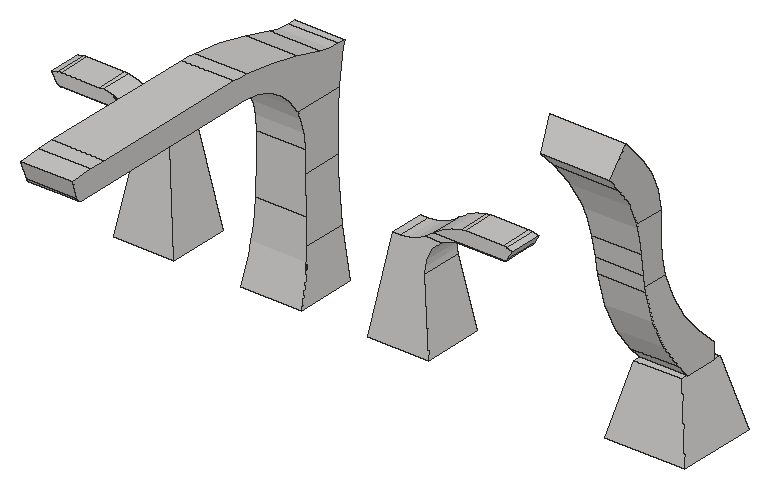
Revit family "Faucet-Tub_and_Whirlpool-Delta-Tesla-X552_and_X752", category Plumbing Fixtures, Revit 2012
Parameters (values of type "Roman Tub Widespread 8 - 16 Inch, Four Hole Installation")
  zz YesNo 2 [instance] = zz Integer 1 = 2552  # no
  zz YesNo 1 [instance] = zz Integer 1 = 4752  # yes
  zz Length 8 [instance] = if(zz YesNo 1, Hand Shower Offset, 0.000")  # 12.000"
  zz Length 7 [instance] = if(zz YesNo 2, 0.875", 0.000")  # 0.000"
  zz Length 6 [instance] = if(zz Integer 1 = 2552, 4.500", if(zz Integer 1 = 3552, 4.625", if(or(zz Integer 1 = 2752, zz Integer 1 = 4752), 8.688", 4.500")))  # 8.688"
  zz Length 5 [instance] = if(zz Integer 1 = 2552, 2.656", if(zz Integer 1 = 3552, 2.656", if(or(zz Integer 1 = 2752, zz Integer 1 = 4752), 3.250", 2.656")))  # 3.250"
  zz Length 4 [instance] = Center to Center Handle Distance Desired  # 8.000"
  zz Length 3 [instance] = if(zz Integer 1 = 2552, 6.500", if(zz Integer 1 = 3552, 6.063", if(or(zz Integer 1 = 2752, zz Integer 1 = 4752), 7.500", 6.500")))  # 7.500"
  zz Length 2 [instance] = 3.688"  # constant formula
  zz Length 1 [instance] = if(zz Integer 1 = 2552, 4.000", if(zz Integer 1 = 3552, if(zz Length 4 < 4.000", 4.000", if(zz Length 4 > 16.000", 16.000", zz Length 4)), if(or(zz Integer 1 = 2752, zz Integer 1 = 4752), if(zz Length 4 < 8.000", 8.000", if(zz Length 4 > 16.000", 16.000", zz Length 4)), 4.000")))  # 8.000"
  zz Integer 1 = 4752
  Width [instance] = 6.500" + Center to Center Handle Distance Actual  # 14.500"
  URL = "http://www.deltafaucet.com/index.html"
  Product Page URL = ""
  Product Material = Steel - Delta Faucet Company - Stainless
  Product Documentation Link = ""
  Pipe Connection Radius = 0.500"
  Part Number [instance] = Model  # "T4752"
  Part Description [instance] = Description  # "Tesla Roman Tub/Whirlpool Faucet Trim, 8-16 Inch Widespread 4 Hole Application With Hand Shower"
  Model Disclaimer = "Contact Delta Faucet Company for More Information"  # constant formula
  Model = if(zz Integer 1 = 2552, "2252-MPU-DST", if(zz Integer 1 = 3552, "3552-MPU-DST", if(zz Integer 1 = 2752, "T2752", if(zz Integer 1 = 4752, "T4752", "Not Available"))))  # "T4752"
  Manufacturer = "Delta Faucet Company"  # constant formula
  Hot Water Supply Flow = 0 GPM
  Hot Water Radius = 0.188"
  Height = if(zz Integer 1 = 4752, 10.125", 7.500")  # 10.125"
  Hand Shower Offset [instance] = 12.000"
  Family Version = "1.0"  # constant formula
  Equipment Number [instance] = ""
  Equipment Abbreviation = "FT"
  Description = if(zz Integer 1 = 2552, "Tesla Lavatory Faucet, 4 Inch Centerset 3 Hole Application", if(zz Integer 1 = 3552, "Tesla Lavatory Faucet, 4-16  Inch Widespread 3 Hole Application", if(zz Integer 1 = 2752, "Tesla Roman Tub/Whirlpool Faucet Trim, 8-16 Inch Widespread 3 Hole Application", if(zz Integer 1 = 4752, "Tesla Roman Tub/Whirlpool Faucet Trim, 8-16 Inch Widespread 4 Hole Application With Hand Shower", "Not Available"))))  # "Tesla Roman Tub/Whirlpool Faucet Trim, 8-16 Inch Widespread 4 Hole Application With Hand Shower"
  Depth = 11.000"  # constant formula
  Date Modified = "January 5, 2015"  # constant formula
  Date Created = "January 5, 2015"  # constant formula
  Copyright = "Copyright ©2015 Delta Faucet Company"  # constant formula
  Cold Water Supply Flow = 0 GPM
  Cold Water Radius = 0.188"
  Center to Center Handle Distance Desired [instance] = 8.000"
  Center to Center Handle Distance Actual [instance] = zz Length 1  # 8.000"
Types (5): name | zz YesNo 2 | zz YesNo 1 | zz Length 8 | zz Length 7 | zz Length 6 | zz Length 5 | zz Length 4 | zz Length 3 | zz Length 1 | zz Integer 1 | Width | Part Number | Part Description | Model | Height | Description | Center to Center Handle Distance Desired | Center to Center Handle Distance Actual
  (no name) | no | yes | 12.000" | 0.000" | 8.688" | 3.250" | 8.000" | 7.500" | 8.000" | 4752 | 14.500" | "T4752" | "Tesla Roman Tub/Whirlpool Faucet Trim, 8-16 Inch Widespread 4 Hole Application With Hand Shower" | "T4752" | 10.125" | "Tesla Roman Tub/Whirlpool Faucet Trim, 8-16 Inch Widespread 4 Hole Application With Hand Shower" | 8.000" | 8.000"
  Roman Tub Widespread 8 - 16 Inch, Three Hole Installation | no | no | 0.000" | 0.000" | 8.688" | 3.250" | 4.000" | 7.500" | 8.000" | 2752 | 14.500" | "T2752" | "Tesla Roman Tub/Whirlpool Faucet Trim, 8-16 Inch Widespread 3 Hole Application" | "T2752" | 7.500" | "Tesla Roman Tub/Whirlpool Faucet Trim, 8-16 Inch Widespread 3 Hole Application" | 4.000" | 8.000"
  Roman Tub Widespread 8 - 16 Inch, Four Hole Installation | no | yes | 12.000" | 0.000" | 8.688" | 3.250" | 8.000" | 7.500" | 8.000" | 4752 | 14.500" | "T4752" | "Tesla Roman Tub/Whirlpool Faucet Trim, 8-16 Inch Widespread 4 Hole Application With Hand Shower" | "T4752" | 10.125" | "Tesla Roman Tub/Whirlpool Faucet Trim, 8-16 Inch Widespread 4 Hole Application With Hand Shower" | 8.000" | 8.000"
  Centerset 4 Inch | yes | no | 0.000" | 0.875" | 4.500" | 2.656" | 4.000" | 6.500" | 4.000" | 2552 | 10.500" | "2252-MPU-DST" | "Tesla Lavatory Faucet, 4 Inch Centerset 3 Hole Application" | "2252-MPU-DST" | 7.500" | "Tesla Lavatory Faucet, 4 Inch Centerset 3 Hole Application" | 4.000" | 4.000"
  Widespread 4 - 16 Inch | no | no | 0.000" | 0.000" | 4.625" | 2.656" | 4.000" | 6.063" | 4.000" | 3552 | 10.500" | "3552-MPU-DST" | "Tesla Lavatory Faucet, 4-16  Inch Widespread 3 Hole Application" | "3552-MPU-DST" | 7.500" | "Tesla Lavatory Faucet, 4-16  Inch Widespread 3 Hole Application" | 4.000" | 4.000"
Reference planes (in)
  plane 1 "Center (Front/Back)": y = 0
  plane 2 "Center (Elevation)": z = 0
  plane 3 "Center (Left/Right)": x = 0
  plane 4: x = -4
  plane 5: x = 4
  plane 6: x = 7.25
  plane 7: x = -7.25
  plane 8: x = 4.95313
  plane 9: x = 3.04688
  plane 10: x = -3.04687
  plane 11: x = -4.95312
  plane 12: y = 0.95312
  plane 13: y = -0.95313
  plane 14: x = 0.95313
  plane 15: x = -0.95312
  plane 16: z = 0
  plane 17: z = 7.5
  plane 18: z = 3.688
  plane 19: x = 3.5
  plane 20: z = 2.938
  plane 21: z = 2.3349
  plane 22: z = 1.64916
  plane 23: z = 4.4837
  plane 24: x = 3.71777
  plane 25: x = 5.58726
  plane 26: x = 6.04782
  plane 27: x = -3.71777
  plane 28: x = -3.5
  plane 29: x = -5.58726
  plane 30: x = -6.04782
  plane 31: y = 0.5
  plane 32: y = -0.5
  plane 33: z = 3.25
  plane 34: z = 3.34216
  plane 35: y = 1.82834
  plane 36: y = -1.82834
  plane 37: z = 4.25
  plane 38: y = -8.688
  plane 39: z = 7.54685
  plane 40: y = -9.7861
  plane 41: y = 8.82271
  plane 42: y = 0.71925
  plane 43: y = -3.98066
  plane 44: y = -8.18938
  plane 45: z = -3.45315
  plane 46: z = 4.85377
  plane 47: z = 9.38147
  plane 48: z = 2.40902
  plane 49: z = 7.45312
  plane 50: z = 6.74857
  plane 51: z = -0.875
  plane 52: x = 3.0625
  plane 53: x = -3.0625
  plane 54: y = -1.125
  plane 55: y = 1.125
  plane 56: x = -2.95312
  plane 57: y = -0.95312
  plane 58: x = 2.95313
  plane 59: y = 0.95312
  plane 60: x = 12
  plane 61: x = 13.25
  plane 62: x = 10.75
  plane 63: y = -4
  plane 64: y = 1.25
  plane 65: y = -1.25
  plane 66: z = 2.125
  plane 67: z = 10.125
  plane 68: y = 0.5
  plane 69: y = -3.5
  plane 70: z = 6.8685
  plane 71: z = 6.10389
  plane 72: z = 6.43266
  plane 73: z = 5.49336
  plane 74: y = 3.09983
  plane 75: y = 3.50646
  plane 76: y = -7.16511
  plane 77: y = -5.80675
  plane 78: z = 9.25897
  plane 79: x = 11.25
  plane 80: y = -0.75
  plane 81: y = 0.75
  plane 82: x = 12.75
  plane 83: x = 13.1875
  plane 84: x = 10.8125
  plane 85: x = 11.25
  plane 86: x = 12.75
  plane 87: z = 3.13867
  plane 88: y = 0.72591
  plane 89: z = 4.2955
  plane 90: y = -0.55012
  plane 91: y = -3.00319
  plane 92: z = 6.96796
  plane 93: y = -9.37606
  plane 94: z = 3.61341
  plane 95: z = 5.48688
  plane 96: z = 3.61341
  plane 97: z = 5.48688
  plane 98: y = -3.43578
  plane 99: y = -8.53102
  plane 100: z = 2.27995
  plane 101: z = -0.2395
  plane 102: z = 5.17659
  plane 103: z = 5.69199
  plane 104: z = 3.48793
  plane 105: z = 3.20852
  plane 106: z = 3.14814
  plane 107: x = 6.94989
  plane 108: x = 6.9495
  plane 109: x = -5.74872
  plane 110: x = -6.94989
  plane 111: x = -6.9495
  plane 112: x = 5.74872
  plane 113: x = 0.82657
  plane 114: x = -0.82657
  plane 115: y = 0.5
  plane 116: y = -0.5
  plane 117: x = 3.5
  plane 118: x = -3.5
  plane 119: x = 13.08646
  plane 120: x = 10.91354
  plane 121: x = 11.25
  plane 122: x = 12.75
  plane 123: y = -1.39425
  plane 124: y = -3.5
  plane 125: x = 12
  plane 126: x = 0
  plane 127: z = 0.25
  plane 128: z = 0
Forms (in)
  Extrusion 1, solid, material "Steel - Delta Faucet Company - Stainless" <- "Product Material"
    sketch origin (0, 0, 0) x (1, 0, 0) y (0, 0, 1)
      loop
        line (3.04688, 0) -> (4.95313, 0) -> (4.60607, 2.1786)
        arc (4.60607, 2.1786) -> (4.832, 2.98047) -> (5.58894, 3.32847) r 0.99357
        line (5.58894, 3.32847) -> (6.94976, 3.32782)
        arc (6.94976, 3.32782) -> (7.02994, 3.34927) -> (7.08861, 3.40798) r 0.16011
        line (7.08861, 3.40798) -> (7.25, 3.688) -> (7.06608, 3.72918)
        arc (7.06608, 3.72918) -> (7.00815, 3.73884) -> (6.9495, 3.74208) r 0.53356
        line (6.9495, 3.74208) -> (5.74872, 3.74208)
        arc (5.74872, 3.74208) -> (5.69032, 3.7392) -> (5.6325, 3.73059) r 0.59394
        arc (5.6325, 3.73059) -> (5.16285, 3.57833) -> (4.74109, 3.32169) r 2.12247
        line (4.74109, 3.32169) -> (4.6694, 3.26567)
        arc (4.6694, 3.26567) -> (4.221, 3.02221) -> (3.71777, 2.938) r 1.5457
        line (3.71777, 2.938) -> (3.5, 2.938) -> (3.04688, 0)
      loop
        line (-3.04687, 0) -> (-3.5, 2.938) -> (-3.71777, 2.938)
        arc (-3.71777, 2.938) -> (-4.221, 3.02221) -> (-4.6694, 3.26567) r 1.5457
        line (-4.6694, 3.26567) -> (-4.74109, 3.32169)
        arc (-4.74109, 3.32169) -> (-5.16285, 3.57833) -> (-5.6325, 3.73059) r 2.12247
        arc (-5.6325, 3.73059) -> (-5.69032, 3.7392) -> (-5.74872, 3.74208) r 0.59394
        line (-5.74872, 3.74208) -> (-6.9495, 3.74208)
        arc (-6.9495, 3.74208) -> (-7.00815, 3.73884) -> (-7.06608, 3.72918) r 0.53356
        line (-7.06608, 3.72918) -> (-7.25, 3.688) -> (-7.08861, 3.40798)
        arc (-7.08861, 3.40798) -> (-7.02994, 3.34927) -> (-6.94976, 3.32782) r 0.16011
        line (-6.94976, 3.32782) -> (-5.58726, 3.32847)
        arc (-5.58726, 3.32847) -> (-4.83146, 2.97984) -> (-4.60607, 2.1786) r 0.99357
        line (-4.60607, 2.1786) -> (-4.95312, 0) -> (-3.04687, 0)
    from -0.95312 to 0.95312
  Extrusion 2, void
    sketch origin (0, 0, 0) x (0, 1, 0) y (0, 0, 1)
      loop
        line (0.95312, 0) -> (0.95312, 4.25) -> (0.5, 4.25) -> (0.5, 3.34216)
        arc (0.5, 3.34216) -> (0.50319, 3.25022) -> (0.51273, 3.15873) r 1.32834
        line (0.51273, 3.15873) -> (0.95312, 0)
      loop
        line (-0.95313, 0) -> (-0.51273, 3.15873)
        arc (-0.51273, 3.15873) -> (-0.50319, 3.25022) -> (-0.5, 3.34216) r 1.32834
        line (-0.5, 3.34216) -> (-0.5, 4.25) -> (-0.95313, 4.25) -> (-0.95313, 0)
    from -7.25 to 7.25
  Extrusion 3, solid, material "Steel - Delta Faucet Company - Stainless" <- "Product Material"
    sketch origin (0, 0, 0) x (0, 1, 0) y (0, 0, 1)
      loop
        line (-0.9399, 0) -> (0.94139, 0)
        arc (0.94139, 0) -> (0.77984, 1.56564) -> (0.72591, 3.13867) r 22.96659
        line (0.72591, 3.13867) -> (0.72591, 4.85377)
        arc (0.72591, 4.85377) -> (0.77111, 5.7082) -> (0.90624, 6.55309) r 8.0968
        line (0.90624, 6.55309) -> (0.9482, 6.74857) -> (0.71925, 6.74857)
        arc (0.71925, 6.74857) -> (0.35282, 6.7742) -> (-0.00647, 6.85057) r 2.63289
        line (-0.00647, 6.85057) -> (-0.94865, 7.12073)
        arc (-0.94865, 7.12073) -> (-1.93558, 7.35507) -> (-2.9399, 7.49751) r 11
        arc (-2.9399, 7.49751) -> (-3.18756, 7.51514) -> (-3.43578, 7.52102) r 5.24106
        line (-3.43578, 7.52102) -> (-8.53102, 7.52102)
        arc (-8.53102, 7.52102) -> (-8.79696, 7.51646) -> (-9.06259, 7.50279) r 7.76052
        line (-9.06259, 7.50279) -> (-9.7861, 7.45312) -> (-9.58221, 6.89292)
        arc (-9.58221, 6.89292) -> (-9.50189, 6.78825) -> (-9.37606, 6.74857) r 0.21938
        line (-9.37606, 6.74857) -> (-3.00319, 6.74857)
        arc (-3.00319, 6.74857) -> (-1.2686, 6.03009) -> (-0.55012, 4.2955) r 2.45307
        line (-0.55012, 4.2955) -> (-0.55012, 2.40902)
        arc (-0.55012, 2.40902) -> (-0.64819, 1.18884) -> (-0.9399, 0) r 7.63926
    from -0.95312 to 0.95313
  Extrusion 4, void
    sketch origin (0, 0, 0) x (1, 0, 0) y (0, 0, 1)
      loop
        line (-0.95312, 7.54685) -> (-0.95312, 0) -> (-0.83717, 1.62087)
        arc (-0.83717, 1.62087) -> (-0.78379, 2.6165) -> (-0.76599, 3.61341) r 27.92453
        line (-0.76599, 3.61341) -> (-0.76599, 5.48688)
        arc (-0.76599, 5.48688) -> (-0.78153, 6.51734) -> (-0.82813, 7.54685) r 34.18058
        line (-0.82813, 7.54685) -> (-0.95312, 7.54685)
    from -0.95312 to 9.7861
  Extrusion 5, void
    sketch origin (0, 0, 0) x (1, 0, 0) y (0, 0, 1)
      loop
        line (0.95313, 7.54685) -> (0.82813, 7.54685)
        arc (0.82813, 7.54685) -> (0.78153, 6.51734) -> (0.76599, 5.48688) r 34.18058
        line (0.76599, 5.48688) -> (0.76599, 3.61341)
        arc (0.76599, 3.61341) -> (0.78379, 2.6165) -> (0.83717, 1.62087) r 27.92453
        line (0.83717, 1.62087) -> (0.95313, 0) -> (0.95313, 7.54685)
    from -0.95312 to 9.7861
  Blend 6, solid, material "Steel - Delta Faucet Company - Stainless" <- "Product Material", visible <- "zz YesNo 2"
    base sketch origin (0, 0, 0) x (1, 0, 0) y (0, 1, 0)
      loop
        line (-3.0625, 1.125) -> (-3.0625, -1.125) -> (3.0625, -1.125) -> (3.0625, 1.125) -> (-3.0625, 1.125)
    top sketch origin (0, 0, 0) x (1, 0, 0) y (0, 1, 0)
      loop
        line (-2.95312, 0.95312) -> (-2.95312, -0.95313) -> (2.95313, -0.95313) -> (2.95313, 0.95312) -> (-2.95312, 0.95312)
    from -0.875 to 0
  Extrusion 7, solid, material "Steel - Delta Faucet Company - Stainless" <- "Product Material", visible <- "zz YesNo 1"
    sketch origin (0, 0, 0) x (0, 1, 0) y (0, 0, 1)
      loop
        line (-0.5, 2.125) -> (0.5, 2.125) -> (0.5, 2.625) -> (-0.11852, 3.24352)
        arc (-0.11852, 3.24352) -> (-1.14322, 4.70946) -> (-1.60194, 6.43821) r 5.1265
        line (-1.60194, 6.43821) -> (-1.6311, 6.78438)
        arc (-1.6311, 6.78438) -> (-1.96505, 8.1063) -> (-2.7057, 9.25104) r 4.19044
        line (-2.7057, 9.25104) -> (-3.5, 10.125) -> (-4, 9.25897) -> (-3.55752, 8.77212)
        arc (-3.55752, 8.77212) -> (-2.78853, 7.64056) -> (-2.36424, 6.33988) r 4.87493
        line (-2.36424, 6.33988) -> (-2.25, 5.69199) -> (-2.15912, 5.17659)
        arc (-2.15912, 5.17659) -> (-1.69435, 3.75182) -> (-0.85199, 2.51229) r 5.34008
        line (-0.85199, 2.51229) -> (-0.5, 2.125)
    from 10.8125 to 13.1875
  Blend 8, solid, material "Steel - Delta Faucet Company - Stainless" <- "Product Material", visible <- "zz YesNo 1"
    base sketch origin (0, 0, 0) x (1, 0, 0) y (0, 1, 0)
      loop
        line (10.75, 1.25) -> (10.75, -1.25) -> (13.25, -1.25) -> (13.25, 1.25) -> (10.75, 1.25)
    top sketch origin (0, 0, 0) x (1, 0, 0) y (0, 1, 0)
      loop
        line (11.25, 0.75) -> (11.25, -0.75) -> (12.75, -0.75) -> (12.75, 0.75) -> (11.25, 0.75)
    from 0 to 2.125
  Extrusion 9, void
    sketch origin (0, 0, 0) x (1, 0, 0) y (0, 0, 1)
      loop
        line (12.75, 2.125) -> (13.1875, 2.125) -> (13.1875, 10.125) -> (12.86717, 7.37934)
        arc (12.86717, 7.37934) -> (12.77932, 6.3733) -> (12.75, 5.36384) r 17.39289
        line (12.75, 5.36384) -> (12.75, 2.125)
      loop
        line (11.25, 2.125) -> (11.25, 5.36384)
        arc (11.25, 5.36384) -> (11.22068, 6.3733) -> (11.13283, 7.37934) r 17.39289
        line (11.13283, 7.37934) -> (10.8125, 10.125) -> (10.8125, 2.125) -> (11.25, 2.125)
    from -1.25 to 4
Cuts and joins
  Extrusion 2 cuts Extrusion 1
  Extrusion 4, Extrusion 5 cuts Extrusion 3
  Extrusion 9 cuts Extrusion 7
Lines and regions (in)
  Masking region 1
    outline origin (-60, -180, 7.54685) x (-1, 0, 0) y (0, -1, 0)
      loop
        line (-59.17343, -180.95312) -> (-59.17343, -170.2139) -> (-60.82657, -170.2139) -> (-60.82657, -180.95312) -> (-59.17343, -180.95312)
  Masking region 2
    outline origin (-60, -180, 3.688) x (-1, 0, 0) y (0, -1, 0)
      loop
        line (-63.5, -180.5) -> (-63.5, -179.5) -> (-67.25, -179.5) -> (-67.25, -180.5) -> (-63.5, -180.5)
      loop
        line (-56.5, -180.5) -> (-52.75, -180.5) -> (-52.75, -179.5) -> (-56.5, -179.5) -> (-56.5, -180.5)
  Masking region 3
    outline origin (-60, -180, 0) x (-1, 0, 0) y (0, -1, 0)
      loop
        line (-63.04687, -180.95312) -> (-63.04687, -179.04687) -> (-64.95312, -179.04687) -> (-64.95312, -180.95312) -> (-63.04687, -180.95312)
      loop
        line (-55.04687, -180.95312) -> (-55.04687, -179.04687) -> (-56.95312, -179.04687) -> (-56.95312, -180.95312) -> (-55.04687, -180.95312)
  Masking region 4, visible <- "zz YesNo 2"
    outline origin (0, 0, 0) x (1, 0, 0) y (0, 1, 0)
      loop
        line (-3.0625, 1.125) -> (-3.0625, -1.125) -> (3.0625, -1.125) -> (3.0625, 1.125) -> (-3.0625, 1.125)
  Masking region 5, visible <- "zz YesNo 1"
    outline origin (-60, -180, 10.125) x (-1, 0, 0) y (0, -1, 0)
      loop
        line (-71.25, -180.5) -> (-71.25, -178.60575) -> (-70.8125, -176.5) -> (-70.91354, -176) -> (-73.08646, -176) -> (-73.1875, -176.5) -> (-72.75, -178.60575) -> (-72.75, -180.5) -> (-71.25, -180.5)
  Masking region 6, visible <- "zz YesNo 1"
    outline origin (-60, -180, 0) x (-1, 0, 0) y (0, -1, 0)
      loop
        line (-70.75, -181.25) -> (-70.75, -178.75) -> (-73.25, -178.75) -> (-73.25, -181.25) -> (-70.75, -181.25)
  reference lines
    curve 1: line (-4, 0, 0.25) -> (-4, 0, 0)
    curve 2: line (4, 0, 0.25) -> (4, 0, 0)
Dimensions and locks (in)
  equal spacing: plane 4, plane 3 "Center (Left/Right)", plane 5
  "zz Length 1": plane 4 to plane 5
  "zz Length 5": plane 5 to plane 6
  "zz Length 5": plane 7 to plane 4
  plane 9 to plane 5 to plane 8 = 0.95313" locked, 0.95312" locked
  plane 11 to plane 4 to plane 10 = 0.95312" locked, 0.95313" locked
  plane 13 to plane 1 "Center (Front/Back)" to plane 12 = 0.95313" locked, 0.95312" locked
  plane 15 to plane 114 to plane 3 "Center (Left/Right)" to plane 113 to plane 14 = 0.12655" locked, 0.82657" locked, 0.82657" locked, 0.12655" locked
  "zz Length 7": plane 16 to plane 2 "Center (Elevation)"
  "zz Length 3": plane 17 to plane 16
  "zz Length 2": plane 18 to plane 16
  plane 26 to plane 112 to plane 25 to plane 5 to plane 24 to plane 19 = 0.2991" locked, 0.16145" locked, 1.58726" locked, 0.28223" locked, 0.21777" locked
  plane 28 to plane 27 to plane 4 to plane 29 to plane 109 to plane 30 = 0.21777" locked, 0.28223" locked, 1.58726" locked, 0.16145" locked, 0.2991" locked
  plane 23 to plane 18 to plane 104 to plane 105 to plane 106 to plane 20 to plane 21 to plane 22 = 0.7957" locked, 0.20007" locked, 0.27942" locked, 0.06038" locked, 0.21014" locked, 0.6031" locked, 0.68574" locked
  locked: plane 1 "Center (Front/Back)" to plane 31 at 0.5
  plane 37 to plane 34 to plane 33 to plane 16 = 0.90784" locked, 0.09216" locked, 3.250" locked
  plane 36 to plane 32 to plane 1 "Center (Front/Back)" to plane 31 to plane 35 = 1.32834" locked, 0.500" locked, 0.500" locked, 1.32834" locked
  "zz Length 6": plane 38 to plane 1 "Center (Front/Back)"
  locked: plane 40 to plane 38 at 1.0981
  locked: plane 39 to plane 17 at 0.04685
  locked: plane 16 to plane 51 at 0.875
  equal spacing: plane 53, plane 3 "Center (Left/Right)", plane 52
  locked: plane 53 to plane 52 at 6.125
  equal spacing: plane 54, plane 1 "Center (Front/Back)", plane 55
  locked: plane 54 to plane 55 at 2.25
  locked: plane 54 to plane 57 at 0.17188
  locked: plane 59 to plane 55 at 0.17188
  locked: plane 58 to plane 52 at 0.10937
  locked: plane 53 to plane 56 at 0.10937
  "zz Length 8": plane 3 "Center (Left/Right)" to plane 60
  plane 62 to plane 60 to plane 61 = 1.250" locked, 1.250" locked
  locked: plane 63 to plane 1 "Center (Front/Back)" at 4
  plane 65 to plane 1 "Center (Front/Back)" to plane 64 = 1.250" locked, 1.250" locked
  plane 78 to plane 70 to plane 72 to plane 71 to plane 103 to plane 73 to plane 102 to plane 66 = 2.39048" locked, 0.43584" locked, 0.32877" locked, 0.4119" locked, 0.19863" locked, 0.31677" locked, 3.05159" locked
  plane 76 to plane 77 to plane 69 to plane 1 "Center (Front/Back)" to plane 68 to plane 74 to plane 75 = 1.35836" locked, 2.30675" locked, 3.500" locked, 0.500" locked, 2.59983" locked, 0.40664" locked
  plane 80 to plane 1 "Center (Front/Back)" to plane 81 = 0.750" locked, 0.750" locked
  plane 79 to plane 60 to plane 82 = 0.750" locked, 0.750" locked
  plane 84 to plane 60 to plane 83 = 1.1875" locked, 1.1875" locked
  plane 86 to plane 60 to plane 85 = 0.750" locked, 0.750" locked
  Extrusion 9 sketch curve to plane 60 to Extrusion 9 sketch curve = 18.14289" locked, 18.14289" locked
  locked: Extrusion 9 sketch curve to plane 66 at 3.23884  (x2)
  plane 87 to plane 48 to plane 16 = 0.72965" locked, 2.40902" locked
  plane 47 to plane 39 to plane 49 to plane 92 to plane 50 to plane 46 to plane 89 to plane 100 to plane 101 to plane 45 = 1.83461" locked, 0.09374" locked, 0.48516" locked, 0.21938" locked, 1.8948" locked, 0.55827" locked, 2.01555" locked, 2.51946" locked, 3.21365" locked
  locked: Extrusion 3 sketch curve to plane 16 at 3.13867
  locked: plane 41 to Extrusion 3 sketch curve at 14.86979
  locked: plane 94 to plane 16 at 3.61341
  locked: plane 39 to plane 95 at 2.05997
  Extrusion 5 sketch curve to Extrusion 5 sketch curve to plane 3 "Center (Left/Right)" = 6.25605" locked, 28.69053" locked
  Extrusion 4 sketch curve to Extrusion 4 sketch curve to plane 3 "Center (Left/Right)" = 6.25605" locked, 28.69053" locked
  locked: plane 96 to plane 16 at 3.61341
  locked: plane 39 to plane 97 at 2.05997
  plane 93 to plane 38 to plane 99 = 0.68806" locked, 0.15698" locked
  plane 44 to plane 43 to plane 98 to plane 91 to plane 90 to plane 1 "Center (Front/Back)" to plane 88 to plane 41 = 4.20872" locked, 0.54488" locked, 0.43259" locked, 2.45307" locked, 0.55012" locked, 0.72591" locked, 8.0968" locked
  plane 6 to plane 107 to plane 108 = 0.30011" locked, 0.0004" locked
  plane 111 to plane 110 to plane 7 = 0.0004" locked, 0.30011" locked
  plane 116 to plane 1 "Center (Front/Back)" to plane 115 = 0.500" locked, 0.500" locked
  locked: plane 117 to plane 5 at 0.5
  locked: plane 4 to plane 118 at 0.5
  plane 63 to plane 124 to plane 123 = 0.500" locked, 2.10575" locked
  plane 120 to plane 121 to plane 60 to plane 122 to plane 119 = 0.33646" locked, 0.750" locked, 0.750" locked, 0.33646" locked
  locked: plane 60 to plane 125 at 0
  locked: plane 126 to plane 3 "Center (Left/Right)"
  locked: plane 127 to plane 128 at 0.25
  locked: plane 2 "Center (Elevation)" to plane 128
  aligned and locked: plane 2 "Center (Elevation)" to level
  aligned and locked: plane 8 to Extrusion 1 sketch curve
  aligned and locked: plane 16 to Extrusion 1 sketch curve  (x4)
  aligned and locked: plane 9 to Extrusion 1 sketch curve
  aligned and locked: plane 19 to Extrusion 1 sketch curve
  aligned and locked: plane 20 to Extrusion 1 sketch curve  (x3)
  aligned and locked: plane 24 to Extrusion 1 sketch curve
  aligned and locked: plane 23 to Extrusion 1 sketch curve  (x2)
  aligned and locked: plane 25 to Extrusion 1 sketch curve
  aligned and locked: plane 21 to Extrusion 1 sketch curve  (x2)
  aligned and locked: plane 26 to Extrusion 1 sketch curve
  aligned and locked: plane 22 to Extrusion 1 sketch curve  (x2)
  aligned and locked: plane 30 to Extrusion 1 sketch curve
  aligned and locked: plane 29 to Extrusion 1 sketch curve
  aligned and locked: plane 27 to Extrusion 1 sketch curve
  aligned and locked: plane 10 to Extrusion 1 sketch curve
  aligned and locked: plane 11 to Extrusion 1 sketch curve
  aligned and locked: plane 28 to Extrusion 1 sketch curve
  aligned and locked: Extrusion 1 sketch curve to plane 20
  aligned and locked: plane 18 to Extrusion 1 sketch curve  (x2)
  aligned and locked: plane 7 to Extrusion 1 sketch curve
  aligned and locked: plane 6 to Extrusion 1 sketch curve
  aligned and locked: Extrusion 1 to plane 12
  aligned and locked: plane 13 to Extrusion 1
  aligned and locked: plane 16 to Extrusion 2 sketch curve
  aligned and locked: plane 12 to Extrusion 2 sketch curve  (x2)
  aligned and locked: plane 13 to Extrusion 2 sketch curve  (x2)
  aligned and locked: Extrusion 2 sketch curve to plane 37
  aligned and locked: plane 37 to Extrusion 2 sketch curve
  aligned and locked: Extrusion 2 sketch curve to plane 31
  aligned and locked: Extrusion 2 sketch curve to plane 32
  aligned and locked: plane 35 to Extrusion 2 sketch curve
  aligned and locked: plane 34 to Extrusion 2 sketch curve  (x2)
  aligned and locked: plane 36 to Extrusion 2 sketch curve
  aligned and locked: plane 6 to Extrusion 2
  aligned and locked: Extrusion 2 to plane 7
  aligned and locked: Extrusion 3 to plane 15
  aligned and locked: plane 14 to Extrusion 3
  aligned and locked: Extrusion 4 to plane 12
  aligned and locked: plane 40 to Extrusion 4
  aligned and locked: Extrusion 3 sketch curve to plane 16
  aligned and locked: Extrusion 5 to plane 12
  aligned and locked: plane 40 to Extrusion 5
  aligned and locked: plane 41 to Extrusion 3 sketch curve
  aligned and locked: plane 47 to Extrusion 3 sketch curve
  aligned and locked: plane 42 to Extrusion 3 sketch curve
  aligned and locked: plane 45 to Extrusion 3 sketch curve
  aligned and locked: plane 48 to Extrusion 3 sketch curve  (x2)
  aligned and locked: plane 44 to Extrusion 3 sketch curve
  aligned and locked: plane 50 to Extrusion 3 sketch curve
  aligned and locked: plane 55 to Blend 6 sketch curve
  aligned and locked: plane 53 to Blend 6 sketch curve
  aligned and locked: Blend 6 sketch curve to plane 54
  aligned and locked: Blend 6 sketch curve to plane 52
  aligned and locked: Blend 6 sketch curve to plane 57
  aligned and locked: Blend 6 sketch curve to plane 58
  aligned and locked: plane 59 to Blend 6 sketch curve
  aligned and locked: plane 56 to Blend 6 sketch curve
  aligned and locked: plane 16 to Blend 6
  aligned and locked: Blend 6 to plane 51
  aligned and locked: plane 39 to Extrusion 5 sketch curve
  aligned and locked: plane 16 to Extrusion 5 sketch curve
  aligned and locked: plane 14 to Extrusion 5 sketch curve
  aligned and locked: Extrusion 7 sketch curve to plane 66
  aligned and locked: plane 68 to Extrusion 7 sketch curve
  aligned and locked: plane 74 to Extrusion 7 sketch curve
  aligned and locked: plane 75 to Extrusion 7 sketch curve
  aligned and locked: plane 77 to Extrusion 7 sketch curve
  aligned and locked: plane 76 to Extrusion 7 sketch curve
  aligned and locked: plane 73 to Extrusion 7 sketch curve
  aligned and locked: plane 72 to Extrusion 7 sketch curve
  aligned and locked: plane 70 to Extrusion 7 sketch curve
  aligned and locked: plane 71 to Extrusion 7 sketch curve
  aligned and locked: plane 67 to Extrusion 7 sketch curve
  aligned and locked: plane 69 to Extrusion 7 sketch curve
  aligned and locked: plane 78 to Extrusion 7 sketch curve
  aligned and locked: plane 63 to Extrusion 7 sketch curve
  aligned and locked: plane 64 to Blend 8 sketch curve
  aligned and locked: plane 62 to Blend 8 sketch curve
  aligned and locked: Blend 8 sketch curve to plane 65
  aligned and locked: Blend 8 sketch curve to plane 61
  aligned and locked: Blend 8 to plane 16
  aligned and locked: plane 66 to Blend 8
  aligned and locked: plane 83 to Extrusion 7
  aligned and locked: Extrusion 7 to plane 84
  aligned and locked: Extrusion 9 to plane 64
  aligned and locked: plane 63 to Extrusion 9
  aligned and locked: plane 67 to Extrusion 9 sketch curve  (x2)
  aligned and locked: Extrusion 9 sketch curve to plane 83
  aligned and locked: Extrusion 9 sketch curve to plane 84
  aligned and locked: plane 66 to Extrusion 9 sketch curve
  aligned and locked: Extrusion 9 sketch curve to plane 66
  aligned and locked: plane 86 to Extrusion 9 sketch curve
  aligned and locked: plane 85 to Extrusion 9 sketch curve
  aligned and locked: plane 90 to Extrusion 3 sketch curve
  aligned and locked: Extrusion 3 sketch curve to plane 88
  aligned and locked: plane 87 to Extrusion 3 sketch curve
  aligned and locked: plane 46 to Extrusion 3 sketch curve
  aligned and locked: plane 89 to Extrusion 3 sketch curve  (x2)
  aligned and locked: plane 91 to Extrusion 3 sketch curve
  aligned and locked: plane 93 to Extrusion 3 sketch curve
  aligned and locked: plane 92 to Extrusion 3 sketch curve
  aligned and locked: plane 43 to Extrusion 3 sketch curve
  aligned and locked: plane 95 to Extrusion 5 sketch curve  (x2)
  aligned and locked: plane 94 to Extrusion 5 sketch curve  (x2)
  aligned and locked: plane 15 to Extrusion 4 sketch curve
  aligned and locked: plane 16 to Extrusion 4 sketch curve
  aligned and locked: plane 97 to Extrusion 4 sketch curve  (x2)
  aligned and locked: plane 96 to Extrusion 4 sketch curve  (x2)
  aligned and locked: Extrusion 4 sketch curve to plane 39
  aligned and locked: plane 100 to Extrusion 3 sketch curve
  aligned and locked: plane 101 to Extrusion 3 sketch curve
  aligned and locked: plane 98 to Extrusion 3 sketch curve
  aligned and locked: plane 99 to Extrusion 3 sketch curve
  aligned and locked: plane 102 to Extrusion 7 sketch curve
  aligned and locked: plane 103 to Extrusion 7 sketch curve
  aligned and locked: plane 104 to Extrusion 1 sketch curve  (x2)
  aligned and locked: plane 107 to Extrusion 1 sketch curve
  aligned and locked: plane 108 to Extrusion 1 sketch curve  (x2)
  aligned and locked: plane 106 to Extrusion 1 sketch curve  (x2)
  aligned and locked: plane 112 to Extrusion 1 sketch curve  (x2)
  aligned and locked: plane 105 to Extrusion 1 sketch curve  (x2)
  aligned and locked: plane 109 to Extrusion 1 sketch curve
  aligned and locked: plane 111 to Extrusion 1 sketch curve
  aligned and locked: plane 110 to Extrusion 1 sketch curve
  aligned and locked: plane 12 to Masking region 1 sketch curve
  aligned and locked: Masking region 1 sketch curve to plane 113
  aligned and locked: plane 114 to Masking region 1 sketch curve
  aligned and locked: Masking region 1 sketch curve to plane 40
  aligned and locked: Masking region 2 sketch curve to plane 6
  aligned and locked: plane 115 to Masking region 2 sketch curve
  aligned and locked: plane 117 to Masking region 2 sketch curve
  aligned and locked: Masking region 2 sketch curve to plane 116
  aligned and locked: plane 118 to Masking region 2 sketch curve
  aligned and locked: plane 116 to Masking region 2 sketch curve
  aligned and locked: Masking region 2 sketch curve to plane 115
  aligned and locked: Masking region 2 sketch curve to plane 7
  aligned and locked: plane 12 to Masking region 3 sketch curve  (x2)
  aligned and locked: plane 9 to Masking region 3 sketch curve
  aligned and locked: Masking region 3 sketch curve to plane 13  (x2)
  aligned and locked: Masking region 3 sketch curve to plane 8
  aligned and locked: plane 11 to Masking region 3 sketch curve
  aligned and locked: Masking region 3 sketch curve to plane 10
  aligned and locked: Masking region 4 sketch curve to plane 52
  aligned and locked: Masking region 4 sketch curve to plane 54
  aligned and locked: plane 55 to Masking region 4 sketch curve
  aligned and locked: plane 53 to Masking region 4 sketch curve
  aligned and locked: Masking region 5 sketch curve to plane 122
  aligned and locked: plane 115 to Masking region 5 sketch curve
  aligned and locked: plane 121 to Masking region 5 sketch curve
  aligned and locked: plane 123 to Masking region 5 sketch curve  (x2)
  aligned and locked: plane 122 to Masking region 5 sketch curve
  aligned and locked: plane 83 to Masking region 5 sketch curve
  aligned and locked: plane 124 to Masking region 5 sketch curve  (x2)
  aligned and locked: plane 63 to Masking region 5 sketch curve  (x2)
  aligned and locked: plane 119 to Masking region 5 sketch curve
  aligned and locked: plane 120 to Masking region 5 sketch curve
  aligned and locked: plane 84 to Masking region 5 sketch curve
  aligned and locked: Masking region 6 sketch curve to plane 61
  aligned and locked: plane 62 to Masking region 6 sketch curve
  aligned and locked: plane 64 to Masking region 6 sketch curve
  aligned and locked: Masking region 6 sketch curve to plane 65
  aligned and locked: plane 2 "Center (Elevation)" to curve 2
  aligned and locked: plane 127 to curve 2
  aligned and locked: plane 2 "Center (Elevation)" to curve 1
  aligned and locked: plane 127 to curve 1
  aligned and locked: curve 2 to plane 5
  aligned and locked: curve 1 to plane 4
Automatic sketch dimensions
  Blend 8 sketch curve to plane 79 = 0.000"
  plane 80 to Blend 8 sketch curve = 0.000"
  Blend 8 sketch curve to plane 82 = 0.000"
  plane 81 to Blend 8 sketch curve = 0.000"
  Extrusion 2 sketch curve to plane 16 = 0.000"
  plane 32 to Extrusion 2 sketch curve = 0.01273"
  Extrusion 2 sketch curve to plane 31 = 0.01273"
  Extrusion 5 sketch curve to plane 14 = 0.11595"
  Extrusion 5 sketch curve to Extrusion 5 sketch curve = 0.125"
  Extrusion 9 sketch curve to plane 85 = 0.11717"
  plane 86 to Extrusion 9 sketch curve = 0.11717"
  plane 15 to Extrusion 4 sketch curve = 0.11595"
  Extrusion 4 sketch curve to Extrusion 4 sketch curve = 0.125"
  Extrusion 3 sketch curve to plane 40 = 0.000"
  Extrusion 3 sketch curve to plane 49 = 0.000"
  Extrusion 3 sketch curve to plane 92 = 0.07503"
  plane 17 to Extrusion 3 sketch curve = 0.00279"
  Extrusion 3 sketch curve to Extrusion 3 sketch curve = 0.000"
  Extrusion 3 sketch curve to plane 13 = 0.00448"
  plane 1 "Center (Front/Back)" to Extrusion 3 sketch curve = 0.00647"
  plane 12 to Extrusion 3 sketch curve = 0.04689"
  plane 12 to Extrusion 3 sketch curve = 0.00493"
  plane 38 to Extrusion 3 sketch curve = 0.37459"
  Extrusion 7 sketch curve to plane 69 = 0.05752"
  Extrusion 7 sketch curve to plane 78 = 0.00793"
  plane 69 to Extrusion 7 sketch curve = 0.7943"
  Extrusion 7 sketch curve to plane 72 = 0.09278"
  plane 65 to Extrusion 7 sketch curve = 1.11424"
  Extrusion 7 sketch curve to Extrusion 7 sketch curve = 0.11424"
  Extrusion 7 sketch curve to Extrusion 7 sketch curve = 0.09088"
  Extrusion 7 sketch curve to plane 70 = 0.08412"
  plane 72 to Extrusion 7 sketch curve = 0.00555"
  Extrusion 7 sketch curve to Extrusion 7 sketch curve = 0.02916"
  Extrusion 7 sketch curve to plane 13 = 0.10114"
  Extrusion 7 sketch curve to plane 13 = 0.45312"
  plane 1 "Center (Front/Back)" to Extrusion 7 sketch curve = 0.11852"
  plane 66 to Extrusion 7 sketch curve = 0.500"
  plane 18 to Extrusion 1 sketch curve = 0.04118"  (x2)
  plane 110 to Extrusion 1 sketch curve = 0.00014"
  Extrusion 1 sketch curve to Extrusion 1 sketch curve = 0.000"  (x2)
  plane 105 to Extrusion 1 sketch curve = 0.11317"
  plane 105 to Extrusion 1 sketch curve = 0.05716"  (x2)
  Extrusion 1 sketch curve to plane 21 = 0.15631"  (x2)
  plane 11 to Extrusion 1 sketch curve = 0.34706"
  Extrusion 1 sketch curve to plane 8 = 0.34706"
  Extrusion 1 sketch curve to Extrusion 1 sketch curve = 0.07169"
  plane 25 to Extrusion 1 sketch curve = 0.00168"
  plane 18 to Extrusion 1 sketch curve = 0.04259"
  Extrusion 1 sketch curve to plane 107 = 0.00014"
  plane 107 to Extrusion 1 sketch curve = 0.13872"
  plane 105 to Extrusion 1 sketch curve = 0.11931"  (x2)
  Extrusion 1 sketch curve to plane 104 = 0.07995"
  Extrusion 1 sketch curve to plane 110 = 0.11619"
Connectors (in)
  piping at (4, 0, 0), driven by "Cold Water Supply Flow", driven by "Cold Water Radius"
    settings: on curve 2, index 1, connector radius 0.188", flow factor 0, pipe flow 0 GPM, pressure drop 0.00 psi, fitting loss kfactor 0, connector angle 0.000°, fixture units 0, engagement length 0.000", flow configuration 0, flow direction 1, fitting loss method 0, system type 20, joint type 0, gender type 0, connector reference index -1, connector utility 0, adjustable connector no, is connector primary yes, fitting loss table "", connector description "Cold Supply"
  piping at (-4, 0, 0), driven by "Hot Water Supply Flow", driven by "Hot Water Radius"
    settings: on curve 1, index 2, connector radius 0.188", flow factor 0, pipe flow 0 GPM, pressure drop 0.00 psi, fitting loss kfactor 0, connector angle 0.000°, fixture units 0, engagement length 0.000", flow configuration 0, flow direction 1, fitting loss method 0, system type 19, joint type 0, gender type 0, connector reference index -1, connector utility 0, adjustable connector no, is connector primary no, fitting loss table "", connector description "Hot Supply"
